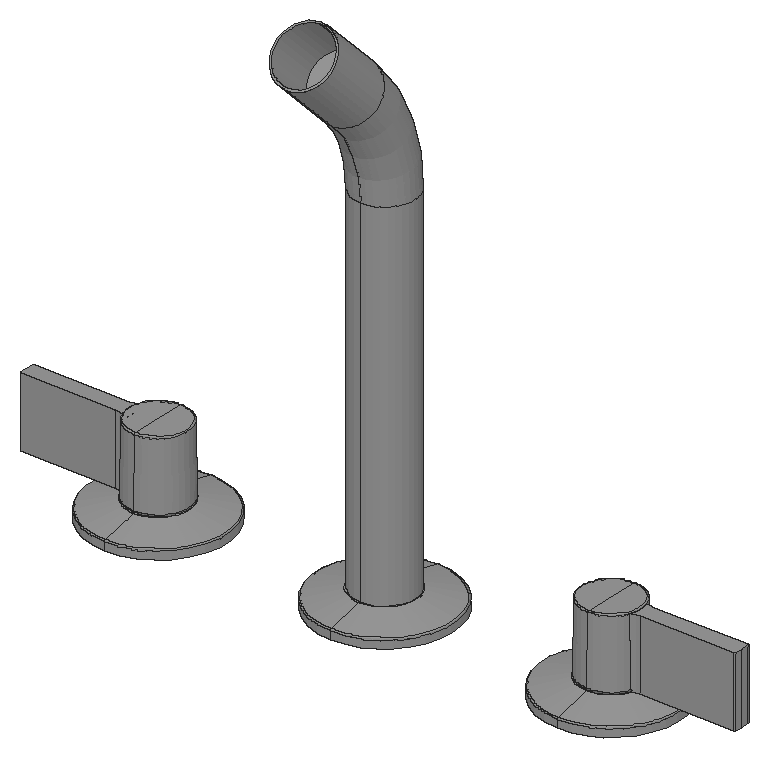
Revit family "Faucet-Wall_Mount-Bath_Spout-KOHLER-COMPONENTS-K-78014T_1", category Plumbing Fixtures, host Face, Revit 2017
Family settings
  Host = Face
  Round Connector Dimension = Use Diameter
  Part Type = Normal
  OmniClass Number = 23.31.11.00
  OmniClass Title = Faucets
  Cut with Voids When Loaded = No
  Shared = No
  Room Calculation Point = No
Parameters (values of type "Not a Type-See Type Catalog")
  Width [instance] = Faucet Hole Spacing  # 8"
  WaterSense Certified = 1 = 0  # no
  Waste Water Outlet = "Waste Water Outlet"  # constant formula
  Waste Connection = 1 = 0  # no
  Vent Connection = 1 = 0  # no
  URL = "http://www.kohler.com.cn/"
  Type = 1
  Spout Reach = 1 3/4"  # constant formula
  Product Page URL = "http://www.kohler.com.cn/product/K-78014T-4/K-78014T-4-CP/"
  Product Name = "Components"  # constant formula
  Product Documentation Link = "http://files.kohler.com.cn/pdfs/1558665184777_1317438-2-A(78014T-4%2078014T-8%2078014T-9).pdf"
  Pressure = 0.00 psi
  Model = if(Type = 1, "K-78014T-4-CP", if(Type = 2, "K-78014T-4-BN", if(Type = 3, "K-78014T-4-AF", if(Type = 4, "K-78014T-4-RGD", if(Type = 5, "K-78014T-4-2BL", if(Type = 6, "K-78014T-4-TT", if(Type = 7, "K-78014T-8-CP", if(Type = 8, "K-78014T-8-BN", if(Type = 9, "K-78014T-8-AF", if(Type = 10, "K-78014T-8-RGD", if(Type = 11, "K-78014T-8-2BL", if(Type = 12, "K-78014T-8-TT", if(Type = 13, "K-78014T-9-CP", if(Type = 14, "K-78014T-9-BN", if(Type = 15, "K-78014T-9-AF", if(Type = 16, "K-78014T-9-RGD", if(Type = 17, "K-78014T-9-2BL", if(Type = 18, "K-78014T-9-TT", "NA"))))))))))))))))))  # "K-78014T-4-CP"
  Material = "Premium Metal Construction"  # constant formula
  MasterFormat 2004 = "22.41.39"  # constant formula
  MasterFormat 1995 = "15410"  # constant formula
  Manufacturer Address = "158 Jiangchang 3rd Road Zhabei District Shanghai, 200436 China"  # constant formula
  Manufacturer = "KOHLER Co."  # constant formula
  Length = Spout Reach  # 1 3/4"
  HW Connection = 1 = 1  # yes
  CW Connection = 1 = 1  # yes
  77990_9 = or(Type = 13, Type = 14, Type = 15, Type = 16, Type = 17, Type = 18)  # no
  77990_8 = or(Type = 7, Type = 8, Type = 9, Type = 10, Type = 11, Type = 12)  # no
  77990_4 = or(Type = 1, Type = 2, Type = 3, Type = 4, Type = 5, Type = 6)  # yes
  Hot Water Inlet = "Hot Water Inlet"  # constant formula
  Height = 9 1/2"  # constant formula
  Handle Clearance = if([77990_4], 2 5/16", if([77990_8], 2 3/8" / 2, if([77990_9], 2 3/4" / 2, 2 5/16")))  # 2 5/16"
  Flow Rate = 0 GPM
  Finish = Default
  Faucet Hole Spacing [instance] = 8"
  Environmental Product Declaration = ""
  Drain Included = 1 = 0  # no
  Description = if(or(Type = 1, Type = 2, Type = 3, Type = 4, Type = 5, Type = 6), "Two-handle wall faucet lever handle", if(or(Type = 7, Type = 8, Type = 9, Type = 10, Type = 11, Type = 12), "Two-handle wall Outlet bathtub faucet column handle", "Two-handle wall outlet bathtub faucet wheel handle"))  # "Two-handle wall faucet lever handle"
  Default Elevation = 36"
  Declare Label = ""
  Date Modified = "05/08/2020"  # constant formula
  Date Created = "05/08/2020"  # constant formula
  Copyright = "Copyright KOHLER Co."  # constant formula
  Contact Us = "http://www.kohler.com.cn/en/contact/contact-us/"
  Cold Water Inlet = "Cold Water Inlet"  # constant formula
  Assembly Code = "D2010"
  ADA Compliant = 1 = 0  # no
Reference planes (in)
  plane 1 "Center (Front/Back)": y = 0
  plane 2: z = 0
  plane 3 "Center (Left/Right)": x = 0
  plane 4: z = 1.75
  plane 5: y = 1.375
  plane 6: x = -4
  plane 7: x = 4
  plane 8: x = -6.3125
  plane 9: y = -1.375
  plane 10: x = 6.3125
  plane 11: x = 2.8125
  plane 12: x = 5.1875
  plane 13: x = -5.1875
  plane 14: x = -2.8125
  plane 15: x = -1.1875
  plane 16: x = 1.1875
  plane 17: z = 9.5
  plane 18: y = -1.75
  plane 19: z = 1.5625
  plane 20: z = 0.31477
  plane 21: y = 1.1875
  plane 22: y = -1.1875
  plane 23: z = 1.5
  plane 24: x = -2.625
  plane 25: x = 2.625
Dimensions and locks (in)
  equal spacing: plane 6, plane 3 "Center (Left/Right)", plane 7
  "Width": plane 6 to plane 7
  "Handle Clearance": plane 6 to plane 8
  equal spacing: plane 5, plane 1 "Center (Front/Back)", plane 9
  plane 8 to plane 6 = 2 5/16"
  "Handle Clearance": plane 10 to plane 7
  plane 11 to plane 12 = 2 3/8"
  equal spacing: plane 13, plane 6, plane 14
  locked: plane 13 to plane 14 at 2.375
  plane 17 to level = 9 1/2"
  "Spout Reach": plane 1 "Center (Front/Back)" to plane 18
  "Height": level to plane 17
  plane 11 to plane 7 to plane 12 = 1 3/16", 1 3/16"
  locked: plane 25 to plane 7 at 1.375
  locked: plane 24 to plane 6 at 1.375
  "Length": plane 18 to plane 1 "Center (Front/Back)"
  aligned and locked: plane 2 to host face
  aligned and locked: level to host face
  aligned and locked: plane 6 to nested 2
  aligned and locked: nested 1 to plane 7
Automatic sketch dimensions
  host sketch curve to host sketch curve = 96"  (x2)
Nested families (in)
  nested 1: "K-78014T_Handle" at (4, 0, 0) x (-1, 0, 0) z (0, 0, 1), type "K-78014T_Handle"
  nested 2: "K-78014T_Handle" at (-4, 0, 0), type "K-78014T_Handle"
  nested 3: "K-78014T" at (0, 0, 0), type "K-78014T"
Connectors (in)
  piping at (-4, 0, 0), diameter 0.375, driven by "HW Connection", driven by "Hot Water Inlet", driven by "Flow Rate"
    settings: on nested 2, index 3, connector inside diameter 24", connector length 0", flow factor 0, pipe flow 0 GPM, pressure drop 0.00 psi, fitting loss kfactor 0, connector angle 0.00°, fixture units 0, engagement length 0", angle of deflection 0.00°, flow configuration 0, flow direction 1, fitting loss method 0, system type 19, joint type 0, gender type 0, connector reference index -1, connector utility 1, adjustable connector no, is connector primary yes, connector description "Hot Water Inlet"
  piping at (4, 0, 0), diameter 0.375, driven by "CW Connection", driven by "Cold Water Inlet", driven by "Flow Rate"
    settings: on nested 1, index 4, connector inside diameter 24", connector length 0", flow factor 0, pipe flow 0 GPM, pressure drop 0.00 psi, fitting loss kfactor 0, connector angle 0.00°, fixture units 0, engagement length 0", angle of deflection 0.00°, flow configuration 0, flow direction 1, fitting loss method 0, system type 20, joint type 0, gender type 0, connector reference index -1, connector utility 1, adjustable connector no, is connector primary no, connector description "Cold Water Inlet"
Definition of nested family "K-78014T_Handle"
  Parameters (values of type "K-77974")
    Faucet handle material = none
    77990_4 = yes
    77990-9 = no
    77990-8 = no
  Reference planes (in)
    plane 1 "Center (Front/Back)": y = 0
    plane 2: z = 0
    plane 3 "Center (Left/Right)": x = 0
    plane 4: z = 1.5625
    plane 5: y = -1.375
    plane 6: y = 1.375
    plane 7: x = 1.1875
    plane 8: x = -1.1875
    plane 9: y = 1.1875
    plane 10: y = -1.1875
    plane 11: x = -2.3125
    plane 12: x = -1.375
    plane 13: x = 1.375
    plane 14: x = 0
    plane 15: y = 0
    plane 16: z = 1.75
    plane 17: z = 1.5
  Forms (in)
    Revolve 1, solid, material <- "Faucet handle material", visible <- "77990-9", detail levels medium+fine
      sketch origin (0.00026, 0.00416, -0.01445) x (1, 0, 0) y (0, 0, 1)
        loop
          arc (-0.49213, 0.38445) -> (-0.4862, 0.37014) -> (-0.47188, 0.36421) r 0.02025
          line (-0.47188, 0.36421) -> (-0.38386, 0.36421) -> (-0.38386, 0.32941) -> (-0.49213, 0.32941) -> (-1.17158, 0.17843)
          arc (-1.17158, 0.17843) -> (-1.18626, 0.16928) -> (-1.192, 0.15296) r 0.02608
          line (-1.192, 0.15296) -> (-1.192, 0.03432)
          arc (-1.192, 0.03432) -> (-1.18618, 0.02027) -> (-1.17214, 0.01445) r 0.01986
          line (-1.17214, 0.01445) -> (0, 0.01445) -> (0, 1.54531) -> (-0.47164, 1.54531)
          arc (-0.47164, 1.54531) -> (-0.48613, 1.53931) -> (-0.49213, 1.52482) r 0.02049
          line (-0.49213, 1.52482) -> (-0.49213, 1.19098) -> (-0.49213, 0.38445)
        loop
          line (-1.38375, 1.68912) -> (-1.38375, 1.24402) -> (-1.3425, 1.20276)
          arc (-1.3425, 1.20276) -> (-1.32929, 1.19398) -> (-1.31372, 1.19099) r 0.0402
          arc (-1.31372, 1.19099) -> (-1.04833, 1.46645) -> (-1.31347, 1.74216) r 0.27579
          arc (-1.31347, 1.74216) -> (-1.3294, 1.73899) -> (-1.3429, 1.72997) r 0.04162
          line (-1.3429, 1.72997) -> (-1.38375, 1.68912)
        axis (0, 1.74216) -> (0, 0.01445)
      angle from 0 to 360
    SweptBlend 2, solid, material <- "Faucet handle material", visible <- "77990-9", detail levels medium+fine
      path origin (0.00026, -0.01925, 0.0207) x (0, -1, 0) y (0, 0, 1)
        loop
          line (0.22829, 0.75557) -> (1.17184, 1.46658)
      profile origin (0.00026, -0.24754, 0.77627) x (0, 0.601815, 0.798636) y (-1, 0, 0)
        loop
          spline (0, 0.30632) -> (-0.06842, 0.29587) -> (-0.13219, 0.26525) -> (-0.18694, 0.21653) -> (-0.22895, 0.15304) -> (-0.25536, 0.0791) -> (-0.26437, -0.00025) -> (-0.25536, -0.07959) -> (-0.22895, -0.15353) -> (-0.18694, -0.21703) -> (-0.13219, -0.26575) -> (-0.06842, -0.29637) -> (0, -0.30682)
          spline (0, -0.30682) -> (0.06842, -0.29637) -> (0.13219, -0.26575) -> (0.18694, -0.21703) -> (0.22895, -0.15353) -> (0.25536, -0.07959) -> (0.26437, -0.00025) -> (0.25536, 0.0791) -> (0.22895, 0.15304) -> (0.18694, 0.21653) -> (0.13219, 0.26525) -> (0.06842, 0.29587) -> (0, 0.30632)
      end profile origin (0.00026, -1.19109, 1.48729) x (0, 0.601815, 0.798636) y (-1, 0, 0)
        loop
          spline (-0.01522, 0.21498) -> (-0.05149, 0.20361) -> (-0.08372, 0.17809) -> (-0.10971, 0.14015) -> (-0.12769, 0.09238) -> (-0.13643, 0.03803) -> (-0.13535, -0.0192) -> (-0.12451, -0.0754) -> (-0.10465, -0.12675) -> (-0.07713, -0.16974) -> (-0.04382, -0.20145) -> (-0.00699, -0.21971) -> (0.03084, -0.22329)
          spline (0.03084, -0.22329) -> (0.06711, -0.21192) -> (0.09934, -0.1864) -> (0.12533, -0.14846) -> (0.14331, -0.10069) -> (0.15206, -0.04634) -> (0.15098, 0.01089) -> (0.14014, 0.06709) -> (0.12028, 0.11844) -> (0.09276, 0.16143) -> (0.05945, 0.19314) -> (0.02262, 0.2114) -> (-0.01522, 0.21498)
    Extrusion 3, void
      sketch origin (0.00026, 0.00416, 0) x (0, -1, 0) y (1, 0, 0)
        loop
          line (1.37007, -0.10783) -> (1.37007, 0.10783) -> (1.33633, 0.32083) -> (1.26969, 0.52593) -> (1.17179, 0.71808) -> (1.04503, 0.89255) -> (0.89254, 1.04504) -> (0.71807, 1.1718) -> (0.52592, 1.2697) -> (0.32082, 1.33634) -> (0.10782, 1.37008) -> (-0.10784, 1.37008) -> (-0.32084, 1.33634) -> (-0.52594, 1.2697) -> (-0.71809, 1.1718) -> (-0.89256, 1.04504) -> (-1.04505, 0.89255) -> (-1.17181, 0.71808) -> (-1.26971, 0.52593) -> (-1.33635, 0.32083) -> (-1.37009, 0.10783) -> (-1.37009, -0.10783) -> (-1.33635, -0.32083) -> (-1.26971, -0.52593) -> (-1.17181, -0.71808) -> (-1.04505, -0.89255) -> (-0.89256, -1.04504) -> (-0.71809, -1.1718) -> (-0.52594, -1.2697) -> (-0.32084, -1.33634) -> (-0.10784, -1.37008) -> (0.10782, -1.37008) -> (0.32082, -1.33634) -> (0.52592, -1.2697) -> (0.71807, -1.1718) -> (0.89254, -1.04504) -> (1.04503, -0.89255) -> (1.17179, -0.71808) -> (1.26969, -0.52593) -> (1.33633, -0.32083) -> (1.37007, -0.10783)
        loop
          circle (0, 0) r 1.4406
      from 1.12842 to 1.76975
    Revolve 4, solid, material <- "Faucet handle material", visible <- "77990-8", detail levels medium+fine
      sketch origin (0.00807, 0.00416, 0) x (0, -1, 0) y (0, 0, 1)
        loop
          line (-0.00053, 1.5) -> (-1.06603, 1.5)
          arc (-1.06603, 1.5) -> (-1.09885, 1.48691) -> (-1.11364, 1.45482) r 0.04767
          line (-1.11364, 1.45482) -> (-1.1809, 0.17135)
          arc (-1.1809, 0.17135) -> (-1.18333, 0.09771) -> (-1.18288, 0.02403) r 1.89315
          arc (-1.18288, 0.02403) -> (-1.17638, 0.00709) -> (-1.15968, 0) r 0.02321
          line (-1.15968, 0) -> (-0.00053, 0) -> (-0.00053, 1.5)
        axis (-0.00053, 1.5) -> (-0.00053, 0)
      angle from 0 to 360
    Revolve 5, solid, material <- "Faucet handle material", visible <- "77990-8", detail levels coarse
      sketch origin (0.00807, 0.00416, 0) x (0, -1, 0) y (0, 0, 1)
        loop
          line (-0.00069, 1.5) -> (-0.00069, 0.00029) -> (1.18047, 0.00029) -> (1.18047, 1.5) -> (-0.00069, 1.5)
        axis (-0.00069, 1.5) -> (-0.00069, 0.00029)
      angle from 0 to 360
    Revolve 6, solid, material <- "Faucet handle material", visible <- "77990_4", detail levels medium+fine
      sketch origin (0.00807, 0.00416, 0) x (0, -1, 0) y (0, 0, 1)
        loop
          line (0, 1.5625) -> (-0.50017, 1.5625)
          arc (-0.50017, 1.5625) -> (-0.51432, 1.55668) -> (-0.52028, 1.54258) r 0.0201
          line (-0.52028, 1.54258) -> (-0.53136, 0.33901)
          arc (-0.53136, 0.33901) -> (-0.52537, 0.32426) -> (-0.51067, 0.31813) r 0.02069
          arc (-0.51067, 0.31813) -> (-0.52825, 0.3147) -> (-0.54573, 0.31075) r 0.61411
          line (-0.54573, 0.31075) -> (-1.1629, 0.16188)
          arc (-1.1629, 0.16188) -> (-1.17604, 0.15346) -> (-1.18115, 0.13872) r 0.02383
          line (-1.18115, 0.13872) -> (-1.18115, 0) -> (0, 0) -> (0, 1.5625)
        axis (0, 1.5625) -> (0, 0)
      angle from 0 to 360
    Extrusion 7, solid, material <- "Faucet handle material", visible <- "77990_4", detail levels medium+fine
      sketch origin (0.00639, 0.00216, 0) x (-1, 0, 0) y (0, -1, 0)
        loop
          arc (0.63848, 0.16118) -> (0.49452, 0.19111) -> (0.37441, 0.27592) r 0.36124
          line (0.37441, 0.27592) -> (0.37441, -0.21592)
          arc (0.37441, -0.21592) -> (0.50184, -0.16345) -> (0.63848, -0.14556) r 0.5307
          line (0.63848, -0.14556) -> (2.28979, -0.14556)
          arc (2.28979, -0.14556) -> (2.30423, -0.13992) -> (2.31104, -0.12599) r 0.02133
          arc (2.31104, -0.12599) -> (2.3154, -0.04933) -> (2.31579, 0.02745) r 1.48241
          arc (2.31579, 0.02745) -> (2.31416, 0.08404) -> (2.31165, 0.14061) r 3.60283
          arc (2.31165, 0.14061) -> (2.30491, 0.15522) -> (2.28997, 0.16118) r 0.02171
          line (2.28997, 0.16118) -> (0.63848, 0.16118)
      from 0.31813 to 1.55062
    Revolve 8, solid, material <- "Faucet handle material", visible <- "77990_4", detail levels coarse
      sketch origin (0.00807, 0.00416, 0) x (0, -1, 0) y (0, 0, 1)
        loop
          line (0, 0) -> (0, 1.5625) -> (-0.53148, 1.5625) -> (-0.53148, 0.31637) -> (-1.18115, 0.31637) -> (-1.18115, 0) -> (0, 0)
        axis (0, 1.5625) -> (0, 0)
      angle from 0 to 360
    Extrusion 9, solid, material <- "Faucet handle material", visible <- "77990_4", detail levels coarse
      sketch origin (-0.03235, 0.00205, 0) x (-1, 0, 0) y (0, -1, 0)
        loop
          line (2.27099, 0.16118) -> (0.40175, 0.16118) -> (0.40175, -0.14556) -> (2.27099, -0.14556) -> (2.27099, 0.16118)
      from 0.31813 to 1.55062
    Revolve 10, solid, material <- "Faucet handle material", visible <- "77990-9", detail levels coarse
      sketch origin (0.00807, 0.00416, 0) x (0, -1, 0) y (0, 0, 1)
        loop
          line (0, 0.00004) -> (0, 1.53073) -> (-0.49213, 1.53073) -> (-0.49213, 0.31496) -> (-1.20092, 0.31496) -> (-1.20092, 0.00004) -> (0, 0.00004)
        loop
          line (-1.04505, 1.17654) -> (-1.04505, 1.72771) -> (-1.37009, 1.72771) -> (-1.37009, 1.17654) -> (-1.04505, 1.17654)
        axis (0, 0.00004) -> (0, 1.72771)
      angle from 0 to 360
    Sweep 11, solid, material <- "Faucet handle material", visible <- "77990-9", detail levels coarse
      path origin (0.00807, 0.00416, 0) x (0, -1, 0) y (0, 0, 1)
        loop
          line (0.15141, 0.69992) -> (1.17179, 1.49712)
      profile origin (0.00807, -0.65743, 1.09852) x (0, 0.615661, 0.788011) y (-1, 0, 0)
        loop
          spline (0, 0.36363) -> (-0.0548, 0.35124) -> (-0.10587, 0.31491) -> (-0.14972, 0.25713) -> (-0.18337, 0.18181) -> (-0.20452, 0.09411) -> (-0.21173, 0) -> (-0.20452, -0.09411) -> (-0.18337, -0.18181) -> (-0.14972, -0.25713) -> (-0.10587, -0.31491) -> (-0.0548, -0.35124) -> (0, -0.36363)
          spline (0, -0.36363) -> (0.0548, -0.35124) -> (0.10587, -0.31491) -> (0.14972, -0.25713) -> (0.18337, -0.18181) -> (0.20452, -0.09411) -> (0.21173, 0) -> (0.20452, 0.09411) -> (0.18337, 0.18181) -> (0.14972, 0.25713) -> (0.10587, 0.31491) -> (0.0548, 0.35124) -> (0, 0.36363)
    Extrusion 12, solid, material <- "Faucet handle material", visible <- "77990_4", detail levels medium+fine
      sketch origin (0, 0, 0) x (1, 0, 0) y (0, 1, 0)
        loop
          circle (0, 0) r 0.08698
      from 0 to 0.06889
  Cuts and joins
    Extrusion 3 cuts Revolve 1
    joined: Revolve 1, SweptBlend 2
  Lines and regions (in)
    Masking region 1, visible <- "77990-9"
      outline origin (0.00807, 0.00416, 0) x (0, -1, 0) y (1, 0, 0)
        loop
          line (-0.71809, 1.1718) -> (-0.89256, 1.04504) -> (-1.04505, 0.89255) -> (-1.17181, 0.71808) -> (-1.26971, 0.52593) -> (-1.33635, 0.32083) -> (-1.37009, 0.10783) -> (-1.37009, -0.10783) -> (-1.33635, -0.32083) -> (-1.26971, -0.52593) -> (-1.17181, -0.71808) -> (-1.04505, -0.89255) -> (-0.89256, -1.04504) -> (-0.71809, -1.1718) -> (-0.52594, -1.2697) -> (-0.32084, -1.33634) -> (-0.10784, -1.37008) -> (0.10782, -1.37008) -> (0.32082, -1.33634) -> (0.52592, -1.2697) -> (0.71807, -1.1718) -> (0.89254, -1.04504) -> (1.04503, -0.89255) -> (1.17179, -0.71808) -> (1.26969, -0.52593) -> (1.33633, -0.32083) -> (1.37007, -0.10783) -> (1.37007, 0.10783) -> (1.33633, 0.32083) -> (1.26969, 0.52593) -> (1.17179, 0.71808) -> (1.04503, 0.89255) -> (0.89254, 1.04504) -> (0.71807, 1.1718) -> (0.52592, 1.2697) -> (0.32082, 1.33634) -> (0.10782, 1.37008) -> (-0.10784, 1.37008) -> (-0.32084, 1.33634) -> (-0.52594, 1.2697) -> (-0.71809, 1.1718)
    Masking region 2, visible <- "77990-9"
      outline origin (0, 0, 0) x (1, 0, 0) y (0, 0, 1)
        loop
          line (1.29033, 1.75) -> (-1.29033, 1.75)
          arc (-1.29033, 1.75) -> (-1.30704, 1.74668) -> (-1.3212, 1.73721) r 0.04365
          line (-1.3212, 1.73721) -> (-1.375, 1.68342) -> (-1.375, 1.22081) -> (-1.34397, 1.18978)
          arc (-1.34397, 1.18978) -> (-1.3293, 1.17998) -> (-1.31199, 1.17654) r 0.04522
          line (-1.31199, 1.17654) -> (-0.49213, 1.17654) -> (-0.49213, 0.37031)
          arc (-0.49213, 0.37031) -> (-0.48611, 0.35577) -> (-0.47157, 0.34975) r 0.02056
          line (-0.47157, 0.34975) -> (-0.38386, 0.34975) -> (-0.38386, 0.31496) -> (-0.49253, 0.31496) -> (-1.18099, 0.16188)
          arc (-1.18099, 0.16188) -> (-1.19523, 0.15301) -> (-1.20079, 0.13719) r 0.02529
          line (-1.20079, 0.13719) -> (-1.20079, 0.02049)
          arc (-1.20079, 0.02049) -> (-1.19479, 0.006) -> (-1.1803, 0) r 0.02049
          line (-1.1803, 0) -> (1.1803, 0)
          arc (1.1803, 0) -> (1.19479, 0.006) -> (1.20079, 0.02049) r 0.02049
          line (1.20079, 0.02049) -> (1.20079, 0.13719)
          arc (1.20079, 0.13719) -> (1.19523, 0.15301) -> (1.18099, 0.16188) r 0.02529
          line (1.18099, 0.16188) -> (0.49253, 0.31496) -> (0.38386, 0.31496) -> (0.38386, 0.34975) -> (0.47157, 0.34975)
          arc (0.47157, 0.34975) -> (0.48611, 0.35577) -> (0.49213, 0.37031) r 0.02056
          line (0.49213, 0.37031) -> (0.49213, 1.17654) -> (1.31199, 1.17654)
          arc (1.31199, 1.17654) -> (1.3293, 1.17998) -> (1.34397, 1.18978) r 0.04522
          line (1.34397, 1.18978) -> (1.375, 1.22081) -> (1.375, 1.68342) -> (1.3212, 1.73721)
          arc (1.3212, 1.73721) -> (1.30704, 1.74668) -> (1.29033, 1.75) r 0.04365
    Masking region 3, visible <- "77990-9"
      outline origin (0, 0, 0) x (0, 1, 0) y (0, 0, 1)
        loop
          line (1.29166, 1.75) -> (-1.29166, 1.75)
          arc (-1.29166, 1.75) -> (-1.30714, 1.74692) -> (-1.32026, 1.73815) r 0.04045
          line (-1.32026, 1.73815) -> (-1.375, 1.68342) -> (-1.375, 1.22081) -> (-1.34354, 1.18935)
          arc (-1.34354, 1.18935) -> (-1.32934, 1.17987) -> (-1.3126, 1.17654) r 0.04376
          line (-1.3126, 1.17654) -> (-1.0541, 1.17654) -> (-0.49213, 0.64534) -> (-0.49213, 0.34975) -> (-0.38386, 0.34975) -> (-0.38386, 0.31496) -> (-0.47836, 0.31496) -> (-1.16719, 0.16199)
          arc (-1.16719, 0.16199) -> (-1.18179, 0.1529) -> (-1.1875, 0.13667) r 0.02594
          line (-1.1875, 0.13667) -> (-1.1875, 0.01977)
          arc (-1.1875, 0.01977) -> (-1.18171, 0.00579) -> (-1.16773, 0) r 0.01977
          line (-1.16773, 0) -> (1.16773, 0)
          arc (1.16773, 0) -> (1.18171, 0.00579) -> (1.1875, 0.01977) r 0.01977
          line (1.1875, 0.01977) -> (1.1875, 0.13667)
          arc (1.1875, 0.13667) -> (1.18179, 0.1529) -> (1.16719, 0.16199) r 0.02594
          line (1.16719, 0.16199) -> (0.47836, 0.31496) -> (0.38386, 0.31496) -> (0.38386, 0.34975) -> (0.49213, 0.34975) -> (0.49213, 1.17654) -> (1.3126, 1.17654)
          arc (1.3126, 1.17654) -> (1.32934, 1.17987) -> (1.34354, 1.18935) r 0.04376
          line (1.34354, 1.18935) -> (1.375, 1.22081) -> (1.375, 1.68342) -> (1.32026, 1.73815)
          arc (1.32026, 1.73815) -> (1.30714, 1.74692) -> (1.29166, 1.75) r 0.04045
    Masking region 4, visible <- "77990-8"
      outline origin (0.00807, 0.00416, 0) x (0, -1, 0) y (1, 0, 0)
        loop
          circle (0.00415, -0.00806) r 1.18749
    Masking region 5, visible <- "77990-8"
      outline origin (-0.00008, 0, 0) x (1, 0, 0) y (0, 0, 1)
        loop
          line (-1.16742, 0.00304) -> (1.1687, 0.00304)
          arc (1.1687, 0.00304) -> (1.18319, 0.0094) -> (1.18832, 0.02438) r 0.01969
          arc (1.18832, 0.02438) -> (1.1866, 0.05679) -> (1.18686, 0.08924) r 0.53132
          arc (1.18686, 0.08924) -> (1.18758, 0.12654) -> (1.18687, 0.16384) r 0.9676
          arc (1.18687, 0.16384) -> (1.18474, 0.21442) -> (1.18227, 0.26499) r 7.29048
          line (1.18227, 0.26499) -> (1.11991, 1.45488)
          arc (1.11991, 1.45488) -> (1.10514, 1.48693) -> (1.07237, 1.5) r 0.04761
          line (1.07237, 1.5) -> (-1.0709, 1.5)
          arc (-1.0709, 1.5) -> (-1.10365, 1.48695) -> (-1.11844, 1.45495) r 0.04761
          line (-1.11844, 1.45495) -> (-1.18642, 0.18868)
          arc (-1.18642, 0.18868) -> (-1.18742, 0.15672) -> (-1.18699, 0.12474) r 0.71585
          arc (-1.18699, 0.12474) -> (-1.1864, 0.07489) -> (-1.18818, 0.02508) r 1.0457
          arc (-1.18818, 0.02508) -> (-1.18256, 0.00958) -> (-1.16742, 0.00304) r 0.0208
    Masking region 6, visible <- "77990-8"
      outline origin (0, 0, 0) x (0, 1, 0) y (0, 0, 1)
        loop
          arc (1.15878, 0) -> (1.17377, 0.00534) -> (1.18199, 0.01897) r 0.02368
          arc (1.18199, 0.01897) -> (1.18747, 0.06295) -> (1.1862, 0.10726) r 0.29065
          arc (1.1862, 0.10726) -> (1.18118, 0.16803) -> (1.17738, 0.22888) r 3.04578
          line (1.17738, 0.22888) -> (1.1131, 1.45541)
          arc (1.1131, 1.45541) -> (1.09851, 1.48708) -> (1.06612, 1.5) r 0.04705
          line (1.06612, 1.5) -> (-1.06585, 1.5)
          arc (-1.06585, 1.5) -> (-1.09841, 1.48701) -> (-1.11308, 1.45517) r 0.0473
          line (-1.11308, 1.45517) -> (-1.17707, 0.2343)
          arc (-1.17707, 0.2343) -> (-1.18121, 0.17752) -> (-1.18766, 0.12095) r 1.39469
          arc (-1.18766, 0.12095) -> (-1.18733, 0.06997) -> (-1.18311, 0.01915) r 0.66852
          arc (-1.18311, 0.01915) -> (-1.17593, 0.00548) -> (-1.16149, 0) r 0.02178
          line (-1.16149, 0) -> (1.15878, 0)
    Masking region 7, visible <- "77990_4"
      outline origin (0.00588, 0.00195, 0) x (-1, 0, 0) y (0, -1, 0)
        loop
          arc (-1.18115, 0) -> (-0.07292, -1.17889) -> (1.17214, -0.14556) r 1.18115
          line (1.17214, -0.14556) -> (2.29207, -0.14556)
          arc (2.29207, -0.14556) -> (2.30651, -0.13992) -> (2.31332, -0.12599) r 0.02133
          arc (2.31332, -0.12599) -> (2.31769, -0.04933) -> (2.31807, 0.02745) r 1.48241
          arc (2.31807, 0.02745) -> (2.31645, 0.08404) -> (2.31393, 0.14061) r 3.60283
          arc (2.31393, 0.14061) -> (2.30719, 0.15522) -> (2.29225, 0.16118) r 0.02171
          line (2.29225, 0.16118) -> (1.1701, 0.16118)
          arc (1.1701, 0.16118) -> (-0.08078, 1.17838) -> (-1.18115, 0) r 1.18115
    Masking region 8, visible <- "77990_4"
      outline origin (0, 0, 0) x (0, -1, 0) y (0, 0, 1)
        loop
          line (-1.1875, 0) -> (1.1875, 0) -> (1.1875, 0.13835)
          arc (1.1875, 0.13835) -> (1.18236, 0.15313) -> (1.16916, 0.16153) r 0.02381
          line (1.16916, 0.16153) -> (0.50564, 0.3181)
          arc (0.50564, 0.3181) -> (0.52098, 0.32462) -> (0.52721, 0.34007) r 0.02177
          line (0.52721, 0.34007) -> (0.51606, 1.54191)
          arc (0.51606, 1.54191) -> (0.5099, 1.55648) -> (0.49527, 1.5625) r 0.02079
          line (0.49527, 1.5625) -> (-0.50351, 1.5625)
          arc (-0.50351, 1.5625) -> (-0.51814, 1.55648) -> (-0.5243, 1.54191) r 0.02079
          line (-0.5243, 1.54191) -> (-0.53545, 0.34007)
          arc (-0.53545, 0.34007) -> (-0.52969, 0.3252) -> (-0.51529, 0.31835) r 0.02157
          line (-0.51529, 0.31835) -> (-1.16901, 0.16199)
          arc (-1.16901, 0.16199) -> (-1.18232, 0.15348) -> (-1.1875, 0.13855) r 0.0241
          line (-1.1875, 0.13855) -> (-1.1875, 0)
    Masking region 9, visible <- "77990_4"
      outline origin (0, 0, 0) x (1, 0, 0) y (0, 0, 1)
        loop
          line (-1.1731, 0) -> (1.18922, 0) -> (1.18922, 0.1389)
          arc (1.18922, 0.1389) -> (1.18415, 0.15354) -> (1.17112, 0.16193) r 0.0237
          arc (1.17112, 0.16193) -> (0.84508, 0.24063) -> (0.51874, 0.31813) r 91.35618
          arc (0.51874, 0.31813) -> (0.53348, 0.3249) -> (0.5394, 0.34) r 0.0217
          line (0.5394, 0.34) -> (0.52834, 1.54253)
          arc (0.52834, 1.54253) -> (0.52237, 1.55666) -> (0.50818, 1.5625) r 0.02016
          line (0.50818, 1.5625) -> (-0.49182, 1.5625)
          arc (-0.49182, 1.5625) -> (-0.50785, 1.56156) -> (-0.52366, 1.55875) r 0.13687
          line (-0.52366, 1.55875) -> (-2.3125, 1.55875) -> (-2.3125, 0.31813) -> (-0.50263, 0.31813)
          arc (-0.50263, 0.31813) -> (-0.82896, 0.24063) -> (-1.15501, 0.16193) r 91.35618
          arc (-1.15501, 0.16193) -> (-1.16804, 0.15354) -> (-1.1731, 0.1389) r 0.0237
          line (-1.1731, 0.1389) -> (-1.1731, 0)
    symbolic lines, visible <- "77990-9", detail levels medium+fine
      curve 1: arc (1.32154, 0.00416, 0) -> (0.00807, -1.3093, 0) -> (-1.3054, 0.00416, 0) r 1.31347
      curve 2: arc (-1.3054, 0.00416, 0) -> (0.00807, 1.31763, 0) -> (1.32154, 0.00416, 0) r 1.31347
      curve 3: arc (-0.48406, 0.00416, 0) -> (0.00807, -0.48796, 0) -> (0.5002, 0.00416, 0) r 0.49213
      curve 4: arc (0.5002, 0.00416, 0) -> (0.00807, 0.49629, 0) -> (-0.48406, 0.00416, 0) r 0.49213
      curve 5: arc (0.22782, -1.02145, 0) -> (-0.00734, 1.05295, 0) -> (-0.18145, -1.02747, 0) r 1.04889
      curve 6: arc (0.1312, -1.06179, 0) -> (0.02107, -1.08885, 0) -> (-0.08907, -1.06179, 0) r 0.23769
      curve 7: arc (0.22782, -1.02145, 0) -> (0.17864, -1.03954, 0) -> (0.1312, -1.06179, 0) r 0.6075
      curve 8: arc (-0.08907, -1.06179, 0) -> (-0.13418, -1.04171, 0) -> (-0.18145, -1.02747, 0) r 0.39199
      curve 9: line (0.24635, -1.01731, 0) -> (0.30244, -0.39022, 0)
      curve 10: line (-0.22433, -1.01866, 0) -> (-0.2847, -0.3914, 0)
      curve 11: line (-0.38386, 0, 0.31496) -> (0.38386, 0, 0.31496)
      curve 12: line (-0.38386, 0, 0.34975) -> (0.38386, 0, 0.34975)
      curve 13: line (-1.18099, 0, 0.16188) -> (1.18099, 0, 0.16188)
      curve 14: line (-0.49213, 0, 1.17654) -> (0.49213, 0, 1.17654)
      curve 15: spline (-1.37009, 0, 1.68409) -> (-1.36728, 0, 1.68538) -> (-1.36447, 0, 1.68644) -> (-1.36166, 0, 1.68727) -> (-1.35885, 0, 1.68786) -> (-1.35603, 0, 1.68821) -> (-1.35322, 0, 1.68833) -> (-1.35041, 0, 1.68821) -> (-1.34759, 0, 1.68786) -> (-1.34478, 0, 1.68727) -> (-1.34197, 0, 1.68644) -> (-1.33916, 0, 1.68538) -> (-1.33635, 0, 1.68409)
      curve 16: spline (-1.33635, 0, 1.68409) -> (-1.33081, 0, 1.68538) -> (-1.32526, 0, 1.68644) -> (-1.31971, 0, 1.68727) -> (-1.31415, 0, 1.68786) -> (-1.30859, 0, 1.68821) -> (-1.30303, 0, 1.68833) -> (-1.29747, 0, 1.68821) -> (-1.29192, 0, 1.68786) -> (-1.28636, 0, 1.68727) -> (-1.28081, 0, 1.68644) -> (-1.27526, 0, 1.68538) -> (-1.26971, 0, 1.68409)
      curve 17: spline (-1.26971, 0, 1.68409) -> (-1.26157, 0, 1.68538) -> (-1.25341, 0, 1.68644) -> (-1.24525, 0, 1.68727) -> (-1.23709, 0, 1.68786) -> (-1.22893, 0, 1.68821) -> (-1.22076, 0, 1.68833) -> (-1.21259, 0, 1.68821) -> (-1.20443, 0, 1.68786) -> (-1.19626, 0, 1.68727) -> (-1.18811, 0, 1.68644) -> (-1.17995, 0, 1.68539) -> (-1.17181, 0, 1.68409)
      curve 18: spline (-1.17181, 0, 1.68409) -> (-1.16126, 0, 1.68539) -> (-1.1507, 0, 1.68644) -> (-1.14014, 0, 1.68727) -> (-1.12957, 0, 1.68786) -> (-1.119, 0, 1.68821) -> (-1.10843, 0, 1.68833) -> (-1.09785, 0, 1.68821) -> (-1.08728, 0, 1.68786) -> (-1.07671, 0, 1.68727) -> (-1.06615, 0, 1.68645) -> (-1.05559, 0, 1.68539) -> (-1.04505, 0, 1.68409)
      curve 19: spline (-1.04505, 0, 1.68409) -> (-1.03236, 0, 1.68539) -> (-1.01966, 0, 1.68645) -> (-1.00695, 0, 1.68727) -> (-0.99424, 0, 1.68786) -> (-0.98152, 0, 1.68821) -> (-0.9688, 0, 1.68833) -> (-0.95608, 0, 1.68821) -> (-0.94336, 0, 1.68786) -> (-0.93065, 0, 1.68727) -> (-0.91794, 0, 1.68645) -> (-0.90524, 0, 1.68539) -> (-0.89256, 0, 1.68409)
      curve 20: spline (-0.89256, 0, 1.68409) -> (-0.87804, 0, 1.68539) -> (-0.86351, 0, 1.68645) -> (-0.84897, 0, 1.68727) -> (-0.83443, 0, 1.68786) -> (-0.81988, 0, 1.68821) -> (-0.80532, 0, 1.68833) -> (-0.79077, 0, 1.68821) -> (-0.77622, 0, 1.68786) -> (-0.76167, 0, 1.68727) -> (-0.74713, 0, 1.68645) -> (-0.7326, 0, 1.68539) -> (-0.71809, 0, 1.68409)
      curve 21: spline (-0.71809, 0, 1.68409) -> (-0.7021, 0, 1.68539) -> (-0.6861, 0, 1.68645) -> (-0.67009, 0, 1.68727) -> (-0.65407, 0, 1.68786) -> (-0.63804, 0, 1.68821) -> (-0.62201, 0, 1.68833) -> (-0.60598, 0, 1.68821) -> (-0.58996, 0, 1.68786) -> (-0.57394, 0, 1.68727) -> (-0.55793, 0, 1.68645) -> (-0.54192, 0, 1.68539) -> (-0.52594, 0, 1.6841)
      curve 22: spline (-0.52594, 0, 1.6841) -> (-0.50887, 0, 1.68539) -> (-0.49179, 0, 1.68645) -> (-0.4747, 0, 1.68727) -> (-0.4576, 0, 1.68786) -> (-0.4405, 0, 1.68822) -> (-0.42339, 0, 1.68833) -> (-0.40628, 0, 1.68822) -> (-0.38917, 0, 1.68786) -> (-0.37207, 0, 1.68727) -> (-0.35498, 0, 1.68645) -> (-0.3379, 0, 1.68539) -> (-0.32084, 0, 1.6841)
      curve 23: spline (-0.32084, 0, 1.6841) -> (-0.30312, 0, 1.68539) -> (-0.28538, 0, 1.68645) -> (-0.26763, 0, 1.68727) -> (-0.24987, 0, 1.68786) -> (-0.23211, 0, 1.68822) -> (-0.21434, 0, 1.68833) -> (-0.19657, 0, 1.68822) -> (-0.1788, 0, 1.68786) -> (-0.16105, 0, 1.68728) -> (-0.1433, 0, 1.68645) -> (-0.12556, 0, 1.68539) -> (-0.10784, 0, 1.6841)
      curve 24: arc (0, 0, 1.68834) -> (0.05395, 0, 1.68727) -> (0.10782, 0, 1.6841) r 1.3775
      curve 25: arc (-0.10784, 0, 1.6841) -> (-0.05396, 0, 1.68727) -> (0, 0, 1.68834) r 1.3775
      curve 26: spline (0.10782, 0, 1.6841) -> (0.12554, 0, 1.68539) -> (0.14328, 0, 1.68645) -> (0.16103, 0, 1.68728) -> (0.17879, 0, 1.68787) -> (0.19655, 0, 1.68822) -> (0.21432, 0, 1.68834) -> (0.23209, 0, 1.68822) -> (0.24985, 0, 1.68787) -> (0.26761, 0, 1.68728) -> (0.28536, 0, 1.68645) -> (0.3031, 0, 1.6854) -> (0.32082, 0, 1.6841)
      curve 27: spline (0.32082, 0, 1.6841) -> (0.33788, 0, 1.6854) -> (0.35496, 0, 1.68645) -> (0.37205, 0, 1.68728) -> (0.38915, 0, 1.68787) -> (0.40626, 0, 1.68822) -> (0.42337, 0, 1.68834) -> (0.44048, 0, 1.68822) -> (0.45758, 0, 1.68787) -> (0.47468, 0, 1.68728) -> (0.49177, 0, 1.68646) -> (0.50885, 0, 1.6854) -> (0.52592, 0, 1.6841)
      curve 28: spline (0.52592, 0, 1.6841) -> (0.54191, 0, 1.6854) -> (0.55791, 0, 1.68646) -> (0.57392, 0, 1.68728) -> (0.58994, 0, 1.68787) -> (0.60596, 0, 1.68822) -> (0.62199, 0, 1.68834) -> (0.63802, 0, 1.68822) -> (0.65405, 0, 1.68787) -> (0.67007, 0, 1.68728) -> (0.68608, 0, 1.68646) -> (0.70208, 0, 1.6854) -> (0.71807, 0, 1.6841)
      curve 29: spline (0.71807, 0, 1.6841) -> (0.73258, 0, 1.6854) -> (0.74711, 0, 1.68646) -> (0.76165, 0, 1.68728) -> (0.7762, 0, 1.68787) -> (0.79075, 0, 1.68822) -> (0.8053, 0, 1.68834) -> (0.81986, 0, 1.68822) -> (0.83441, 0, 1.68787) -> (0.84895, 0, 1.68728) -> (0.86349, 0, 1.68646) -> (0.87802, 0, 1.6854) -> (0.89254, 0, 1.68411)
      curve 30: spline (0.89254, 0, 1.68411) -> (0.90522, 0, 1.6854) -> (0.91792, 0, 1.68646) -> (0.93063, 0, 1.68728) -> (0.94334, 0, 1.68787) -> (0.95606, 0, 1.68823) -> (0.96878, 0, 1.68834) -> (0.9815, 0, 1.68823) -> (0.99422, 0, 1.68787) -> (1.00693, 0, 1.68728) -> (1.01964, 0, 1.68646) -> (1.03234, 0, 1.6854) -> (1.04503, 0, 1.68411)
      curve 31: spline (1.04503, 0, 1.68411) -> (1.05557, 0, 1.6854) -> (1.06613, 0, 1.68646) -> (1.07669, 0, 1.68728) -> (1.08726, 0, 1.68787) -> (1.09783, 0, 1.68823) -> (1.10841, 0, 1.68834) -> (1.11898, 0, 1.68823) -> (1.12955, 0, 1.68787) -> (1.14012, 0, 1.68728) -> (1.15068, 0, 1.68646) -> (1.16124, 0, 1.6854) -> (1.17179, 0, 1.68411)
      curve 32: spline (1.17179, 0, 1.68411) -> (1.17993, 0, 1.6854) -> (1.18809, 0, 1.68646) -> (1.19624, 0, 1.68729) -> (1.20441, 0, 1.68787) -> (1.21257, 0, 1.68823) -> (1.22074, 0, 1.68835) -> (1.22891, 0, 1.68823) -> (1.23707, 0, 1.68787) -> (1.24523, 0, 1.68729) -> (1.25339, 0, 1.68646) -> (1.26155, 0, 1.6854) -> (1.26969, 0, 1.68411)
      curve 33: spline (1.26969, 0, 1.68411) -> (1.27524, 0, 1.6854) -> (1.28079, 0, 1.68646) -> (1.28634, 0, 1.68729) -> (1.2919, 0, 1.68787) -> (1.29745, 0, 1.68823) -> (1.30301, 0, 1.68835) -> (1.30857, 0, 1.68823) -> (1.31413, 0, 1.68787) -> (1.31969, 0, 1.68729) -> (1.32524, 0, 1.68646) -> (1.33079, 0, 1.6854) -> (1.33633, 0, 1.68411)
      curve 34: spline (1.33633, 0, 1.68411) -> (1.33914, 0, 1.6854) -> (1.34195, 0, 1.68646) -> (1.34476, 0, 1.68729) -> (1.34757, 0, 1.68788) -> (1.35039, 0, 1.68823) -> (1.3532, 0, 1.68835) -> (1.35602, 0, 1.68823) -> (1.35883, 0, 1.68788) -> (1.36164, 0, 1.68729) -> (1.36445, 0, 1.68646) -> (1.36726, 0, 1.6854) -> (1.37007, 0, 1.68411)
      curve 35: spline (1.37007, 0, 1.22012) -> (1.36726, 0, 1.21883) -> (1.36445, 0, 1.21777) -> (1.36164, 0, 1.21694) -> (1.35883, 0, 1.21635) -> (1.35602, 0, 1.216) -> (1.3532, 0, 1.21588) -> (1.35039, 0, 1.216) -> (1.34757, 0, 1.21635) -> (1.34476, 0, 1.21694) -> (1.34195, 0, 1.21777) -> (1.33914, 0, 1.21883) -> (1.33633, 0, 1.22012)
      curve 36: spline (1.33633, 0, 1.22012) -> (1.33079, 0, 1.21883) -> (1.32524, 0, 1.21777) -> (1.31969, 0, 1.21694) -> (1.31413, 0, 1.21635) -> (1.30857, 0, 1.216) -> (1.30301, 0, 1.21588) -> (1.29745, 0, 1.216) -> (1.2919, 0, 1.21635) -> (1.28634, 0, 1.21694) -> (1.28079, 0, 1.21777) -> (1.27524, 0, 1.21883) -> (1.26969, 0, 1.22012)
      curve 37: spline (1.26969, 0, 1.22012) -> (1.26155, 0, 1.21883) -> (1.25339, 0, 1.21777) -> (1.24523, 0, 1.21694) -> (1.23707, 0, 1.21635) -> (1.22891, 0, 1.216) -> (1.22074, 0, 1.21588) -> (1.21257, 0, 1.216) -> (1.20441, 0, 1.21636) -> (1.19624, 0, 1.21694) -> (1.18809, 0, 1.21777) -> (1.17993, 0, 1.21883) -> (1.17179, 0, 1.22012)
      curve 38: spline (1.17179, 0, 1.22012) -> (1.16124, 0, 1.21883) -> (1.15068, 0, 1.21777) -> (1.14012, 0, 1.21694) -> (1.12955, 0, 1.21636) -> (1.11898, 0, 1.216) -> (1.10841, 0, 1.21588) -> (1.09783, 0, 1.216) -> (1.08726, 0, 1.21636) -> (1.07669, 0, 1.21694) -> (1.06613, 0, 1.21777) -> (1.05557, 0, 1.21883) -> (1.04503, 0, 1.22012)
      curve 39: spline (1.04503, 0, 1.22012) -> (1.03234, 0, 1.21883) -> (1.01964, 0, 1.21777) -> (1.00693, 0, 1.21695) -> (0.99422, 0, 1.21636) -> (0.9815, 0, 1.216) -> (0.96878, 0, 1.21589) -> (0.95606, 0, 1.216) -> (0.94334, 0, 1.21636) -> (0.93063, 0, 1.21695) -> (0.91792, 0, 1.21777) -> (0.90522, 0, 1.21883) -> (0.89254, 0, 1.22012)
      curve 40: spline (0.89254, 0, 1.22012) -> (0.87802, 0, 1.21883) -> (0.86349, 0, 1.21777) -> (0.84895, 0, 1.21695) -> (0.83441, 0, 1.21636) -> (0.81986, 0, 1.216) -> (0.8053, 0, 1.21589) -> (0.79075, 0, 1.21601) -> (0.7762, 0, 1.21636) -> (0.76165, 0, 1.21695) -> (0.74711, 0, 1.21777) -> (0.73258, 0, 1.21883) -> (0.71807, 0, 1.22012)
      curve 41: spline (0.71807, 0, 1.22012) -> (0.70208, 0, 1.21883) -> (0.68608, 0, 1.21777) -> (0.67007, 0, 1.21695) -> (0.65405, 0, 1.21636) -> (0.63802, 0, 1.21601) -> (0.62199, 0, 1.21589) -> (0.60596, 0, 1.21601) -> (0.58994, 0, 1.21636) -> (0.57392, 0, 1.21695) -> (0.55791, 0, 1.21777) -> (0.54191, 0, 1.21883) -> (0.52592, 0, 1.22013)
      curve 42: spline (0.52592, 0, 1.22013) -> (0.50885, 0, 1.21883) -> (0.49177, 0, 1.21777) -> (0.47468, 0, 1.21695) -> (0.45758, 0, 1.21636) -> (0.44048, 0, 1.21601) -> (0.42337, 0, 1.21589) -> (0.40626, 0, 1.21601) -> (0.38915, 0, 1.21636) -> (0.37205, 0, 1.21695) -> (0.35496, 0, 1.21777) -> (0.33788, 0, 1.21883) -> (0.32082, 0, 1.22013)
      curve 43: spline (0.32082, 0, 1.22013) -> (0.3031, 0, 1.21883) -> (0.28536, 0, 1.21777) -> (0.26761, 0, 1.21695) -> (0.24985, 0, 1.21636) -> (0.23209, 0, 1.21601) -> (0.21432, 0, 1.21589) -> (0.19655, 0, 1.21601) -> (0.17879, 0, 1.21636) -> (0.16103, 0, 1.21695) -> (0.14328, 0, 1.21778) -> (0.12554, 0, 1.21883) -> (0.10782, 0, 1.22013)
      curve 44: arc (0.10782, 0, 1.22013) -> (0.05395, 0, 1.21695) -> (0, 0, 1.21589) r 1.3775
      curve 45: arc (0, 0, 1.21589) -> (-0.05396, 0, 1.21696) -> (-0.10784, 0, 1.22013) r 1.3775
      curve 46: spline (-0.10784, 0, 1.22013) -> (-0.12556, 0, 1.21884) -> (-0.1433, 0, 1.21778) -> (-0.16105, 0, 1.21695) -> (-0.1788, 0, 1.21637) -> (-0.19657, 0, 1.21601) -> (-0.21434, 0, 1.21589) -> (-0.23211, 0, 1.21601) -> (-0.24987, 0, 1.21637) -> (-0.26763, 0, 1.21695) -> (-0.28538, 0, 1.21778) -> (-0.30312, 0, 1.21884) -> (-0.32084, 0, 1.22013)
      curve 47: spline (-0.32084, 0, 1.22013) -> (-0.3379, 0, 1.21884) -> (-0.35498, 0, 1.21778) -> (-0.37207, 0, 1.21696) -> (-0.38917, 0, 1.21637) -> (-0.40628, 0, 1.21601) -> (-0.42339, 0, 1.2159) -> (-0.4405, 0, 1.21601) -> (-0.4576, 0, 1.21637) -> (-0.4747, 0, 1.21696) -> (-0.49179, 0, 1.21778) -> (-0.50887, 0, 1.21884) -> (-0.52594, 0, 1.22013)
      curve 48: spline (-0.52594, 0, 1.22013) -> (-0.54192, 0, 1.21884) -> (-0.55793, 0, 1.21778) -> (-0.57394, 0, 1.21696) -> (-0.58996, 0, 1.21637) -> (-0.60598, 0, 1.21602) -> (-0.62201, 0, 1.2159) -> (-0.63804, 0, 1.21602) -> (-0.65407, 0, 1.21637) -> (-0.67009, 0, 1.21696) -> (-0.6861, 0, 1.21778) -> (-0.7021, 0, 1.21884) -> (-0.71809, 0, 1.22013)
      curve 49: spline (-0.71809, 0, 1.22013) -> (-0.7326, 0, 1.21884) -> (-0.74713, 0, 1.21778) -> (-0.76167, 0, 1.21696) -> (-0.77622, 0, 1.21637) -> (-0.79077, 0, 1.21602) -> (-0.80532, 0, 1.2159) -> (-0.81988, 0, 1.21602) -> (-0.83443, 0, 1.21637) -> (-0.84897, 0, 1.21696) -> (-0.86351, 0, 1.21778) -> (-0.87804, 0, 1.21884) -> (-0.89256, 0, 1.22014)
      curve 50: spline (-0.89256, 0, 1.22014) -> (-0.90524, 0, 1.21884) -> (-0.91794, 0, 1.21778) -> (-0.93065, 0, 1.21696) -> (-0.94336, 0, 1.21637) -> (-0.95608, 0, 1.21602) -> (-0.9688, 0, 1.2159) -> (-0.98152, 0, 1.21602) -> (-0.99424, 0, 1.21637) -> (-1.00695, 0, 1.21696) -> (-1.01966, 0, 1.21778) -> (-1.03236, 0, 1.21884) -> (-1.04505, 0, 1.22014)
      curve 51: spline (-1.04505, 0, 1.22014) -> (-1.05559, 0, 1.21884) -> (-1.06615, 0, 1.21778) -> (-1.07671, 0, 1.21696) -> (-1.08728, 0, 1.21637) -> (-1.09785, 0, 1.21602) -> (-1.10843, 0, 1.2159) -> (-1.119, 0, 1.21602) -> (-1.12957, 0, 1.21637) -> (-1.14014, 0, 1.21696) -> (-1.1507, 0, 1.21778) -> (-1.16126, 0, 1.21884) -> (-1.17181, 0, 1.22014)
      curve 52: spline (-1.17181, 0, 1.22014) -> (-1.17995, 0, 1.21884) -> (-1.18811, 0, 1.21778) -> (-1.19626, 0, 1.21696) -> (-1.20443, 0, 1.21637) -> (-1.21259, 0, 1.21602) -> (-1.22076, 0, 1.2159) -> (-1.22893, 0, 1.21602) -> (-1.23709, 0, 1.21637) -> (-1.24525, 0, 1.21696) -> (-1.25341, 0, 1.21778) -> (-1.26157, 0, 1.21884) -> (-1.26971, 0, 1.22014)
      curve 53: spline (-1.26971, 0, 1.22014) -> (-1.27526, 0, 1.21884) -> (-1.28081, 0, 1.21779) -> (-1.28636, 0, 1.21696) -> (-1.29192, 0, 1.21637) -> (-1.29747, 0, 1.21602) -> (-1.30303, 0, 1.2159) -> (-1.30859, 0, 1.21602) -> (-1.31415, 0, 1.21637) -> (-1.31971, 0, 1.21696) -> (-1.32526, 0, 1.21779) -> (-1.33081, 0, 1.21884) -> (-1.33635, 0, 1.22014)
      curve 54: spline (-1.33635, 0, 1.22014) -> (-1.33916, 0, 1.21884) -> (-1.34197, 0, 1.21779) -> (-1.34478, 0, 1.21696) -> (-1.34759, 0, 1.21637) -> (-1.35041, 0, 1.21602) -> (-1.35322, 0, 1.2159) -> (-1.35603, 0, 1.21602) -> (-1.35885, 0, 1.21637) -> (-1.36166, 0, 1.21696) -> (-1.36447, 0, 1.21779) -> (-1.36728, 0, 1.21884) -> (-1.37009, 0, 1.22014)
      curve 55: line (-1.33635, 0, 1.68409) -> (-1.33635, 0, 1.22014)
      curve 56: line (-1.26971, 0, 1.68409) -> (-1.26971, 0, 1.22014)
      curve 57: line (-1.17181, 0, 1.68409) -> (-1.17181, 0, 1.22014)
      curve 58: line (-1.04505, 0, 1.68409) -> (-1.04505, 0, 1.22014)
      curve 59: line (-0.89256, 0, 1.68409) -> (-0.89256, 0, 1.22014)
      curve 60: line (-0.71809, 0, 1.68409) -> (-0.71809, 0, 1.22013)
      curve 61: line (-0.52594, 0, 1.6841) -> (-0.52594, 0, 1.22013)
      curve 62: line (-0.32084, 0, 1.6841) -> (-0.32084, 0, 1.22013)
      curve 63: line (-0.10784, 0, 1.6841) -> (-0.10784, 0, 1.22013)
      curve 64: line (0.10782, 0, 1.6841) -> (0.10782, 0, 1.22013)
      curve 65: line (0.32082, 0, 1.6841) -> (0.32082, 0, 1.22013)
      curve 66: line (0.52592, 0, 1.6841) -> (0.52592, 0, 1.22013)
      curve 67: line (0.71807, 0, 1.6841) -> (0.71807, 0, 1.22012)
      curve 68: line (0.89254, 0, 1.68411) -> (0.89254, 0, 1.22012)
      curve 69: line (1.04503, 0, 1.68411) -> (1.04503, 0, 1.22012)
      curve 70: line (1.17179, 0, 1.68411) -> (1.17179, 0, 1.22012)
      curve 71: line (1.26969, 0, 1.68411) -> (1.26969, 0, 1.22012)
      curve 72: line (1.33633, 0, 1.68411) -> (1.33633, 0, 1.22012)
      curve 73: line (0, -1.16719, 0.16199) -> (0, 1.16719, 0.16199)
      curve 74: line (0, -0.38386, 0.31496) -> (0, 0.38386, 0.31496)
      curve 75: line (0, -0.38386, 0.34975) -> (0, 0.38386, 0.34975)
      curve 76: line (0, -1.0541, 1.17654) -> (0, 0.49213, 1.17654)
      curve 77: spline (0, -1.37008, 1.6841) -> (0, -1.36727, 1.68539) -> (0, -1.36446, 1.68645) -> (0, -1.36165, 1.68728) -> (0, -1.35884, 1.68787) -> (0, -1.35603, 1.68822) -> (0, -1.35321, 1.68834) -> (0, -1.3504, 1.68822) -> (0, -1.34758, 1.68787) -> (0, -1.34477, 1.68728) -> (0, -1.34196, 1.68645) -> (0, -1.33915, 1.6854) -> (0, -1.33634, 1.6841)
      curve 78: spline (0, -1.33634, 1.6841) -> (0, -1.3308, 1.6854) -> (0, -1.32525, 1.68645) -> (0, -1.3197, 1.68728) -> (0, -1.31414, 1.68787) -> (0, -1.30858, 1.68822) -> (0, -1.30302, 1.68834) -> (0, -1.29746, 1.68822) -> (0, -1.29191, 1.68787) -> (0, -1.28635, 1.68728) -> (0, -1.2808, 1.68646) -> (0, -1.27525, 1.6854) -> (0, -1.2697, 1.6841)
      curve 79: spline (0, -1.2697, 1.6841) -> (0, -1.26156, 1.6854) -> (0, -1.2534, 1.68646) -> (0, -1.24525, 1.68728) -> (0, -1.23708, 1.68787) -> (0, -1.22892, 1.68822) -> (0, -1.22075, 1.68834) -> (0, -1.21258, 1.68822) -> (0, -1.20442, 1.68787) -> (0, -1.19625, 1.68728) -> (0, -1.1881, 1.68646) -> (0, -1.17994, 1.6854) -> (0, -1.1718, 1.6841)
      curve 80: spline (0, -1.1718, 1.6841) -> (0, -1.16125, 1.6854) -> (0, -1.1507, 1.68646) -> (0, -1.14013, 1.68728) -> (0, -1.12956, 1.68787) -> (0, -1.11899, 1.68822) -> (0, -1.10842, 1.68834) -> (0, -1.09784, 1.68822) -> (0, -1.08727, 1.68787) -> (0, -1.0767, 1.68728) -> (0, -1.06614, 1.68646) -> (0, -1.05559, 1.6854) -> (0, -1.04504, 1.68411)
      curve 81: spline (0, -1.04504, 1.68411) -> (0, -1.03235, 1.6854) -> (0, -1.01965, 1.68646) -> (0, -1.00695, 1.68728) -> (0, -0.99423, 1.68787) -> (0, -0.98151, 1.68823) -> (0, -0.96879, 1.68834) -> (0, -0.95607, 1.68823) -> (0, -0.94335, 1.68787) -> (0, -0.93064, 1.68728) -> (0, -0.91793, 1.68646) -> (0, -0.90523, 1.6854) -> (0, -0.89255, 1.68411)
      curve 82: spline (0, -0.89255, 1.68411) -> (0, -0.87803, 1.6854) -> (0, -0.8635, 1.68646) -> (0, -0.84896, 1.68728) -> (0, -0.83442, 1.68787) -> (0, -0.81987, 1.68823) -> (0, -0.80531, 1.68834) -> (0, -0.79076, 1.68823) -> (0, -0.77621, 1.68787) -> (0, -0.76166, 1.68728) -> (0, -0.74712, 1.68646) -> (0, -0.73259, 1.6854) -> (0, -0.71808, 1.68411)
      curve 83: spline (0, -0.71808, 1.68411) -> (0, -0.70209, 1.6854) -> (0, -0.68609, 1.68646) -> (0, -0.67008, 1.68729) -> (0, -0.65406, 1.68787) -> (0, -0.63803, 1.68823) -> (0, -0.622, 1.68835) -> (0, -0.60598, 1.68823) -> (0, -0.58995, 1.68787) -> (0, -0.57393, 1.68729) -> (0, -0.55792, 1.68646) -> (0, -0.54192, 1.6854) -> (0, -0.52593, 1.68411)
      curve 84: spline (0, -0.52593, 1.68411) -> (0, -0.50886, 1.6854) -> (0, -0.49178, 1.68646) -> (0, -0.47469, 1.68729) -> (0, -0.45759, 1.68787) -> (0, -0.44049, 1.68823) -> (0, -0.42338, 1.68835) -> (0, -0.40627, 1.68823) -> (0, -0.38916, 1.68787) -> (0, -0.37206, 1.68729) -> (0, -0.35497, 1.68646) -> (0, -0.33789, 1.6854) -> (0, -0.32083, 1.68411)
      curve 85: spline (0, -0.32083, 1.68411) -> (0, -0.30311, 1.6854) -> (0, -0.28537, 1.68646) -> (0, -0.26762, 1.68729) -> (0, -0.24986, 1.68788) -> (0, -0.2321, 1.68823) -> (0, -0.21433, 1.68835) -> (0, -0.19656, 1.68823) -> (0, -0.1788, 1.68788) -> (0, -0.16104, 1.68729) -> (0, -0.14329, 1.68646) -> (0, -0.12555, 1.6854) -> (0, -0.10783, 1.68411)
      curve 86: arc (0, -0.10783, 1.68411) -> (0, 0, 1.68835) -> (0, 0.10783, 1.68411) r 1.37431
      curve 87: spline (0, 0.10783, 1.68411) -> (0, 0.12555, 1.6854) -> (0, 0.14329, 1.68646) -> (0, 0.16104, 1.68729) -> (0, 0.17879, 1.68788) -> (0, 0.19656, 1.68823) -> (0, 0.21433, 1.68835) -> (0, 0.23209, 1.68823) -> (0, 0.24986, 1.68788) -> (0, 0.26762, 1.68729) -> (0, 0.28537, 1.68646) -> (0, 0.3031, 1.6854) -> (0, 0.32083, 1.68411)
      curve 88: spline (0, 0.32083, 1.68411) -> (0, 0.33789, 1.6854) -> (0, 0.35497, 1.68646) -> (0, 0.37206, 1.68729) -> (0, 0.38916, 1.68788) -> (0, 0.40627, 1.68823) -> (0, 0.42338, 1.68835) -> (0, 0.44049, 1.68823) -> (0, 0.45759, 1.68788) -> (0, 0.47469, 1.68729) -> (0, 0.49178, 1.68646) -> (0, 0.50886, 1.6854) -> (0, 0.52593, 1.68411)
      curve 89: spline (0, 0.52593, 1.68411) -> (0, 0.54191, 1.6854) -> (0, 0.55792, 1.68646) -> (0, 0.57393, 1.68729) -> (0, 0.58995, 1.68788) -> (0, 0.60597, 1.68823) -> (0, 0.622, 1.68835) -> (0, 0.63803, 1.68823) -> (0, 0.65406, 1.68787) -> (0, 0.67008, 1.68729) -> (0, 0.68609, 1.68646) -> (0, 0.70209, 1.6854) -> (0, 0.71808, 1.68411)
      curve 90: spline (0, 0.71808, 1.68411) -> (0, 0.73259, 1.6854) -> (0, 0.74712, 1.68646) -> (0, 0.76166, 1.68729) -> (0, 0.77621, 1.68787) -> (0, 0.79076, 1.68823) -> (0, 0.80531, 1.68835) -> (0, 0.81986, 1.68823) -> (0, 0.83442, 1.68787) -> (0, 0.84896, 1.68729) -> (0, 0.8635, 1.68646) -> (0, 0.87803, 1.6854) -> (0, 0.89255, 1.68411)
      curve 91: spline (0, 0.89255, 1.68411) -> (0, 0.90523, 1.6854) -> (0, 0.91793, 1.68646) -> (0, 0.93064, 1.68729) -> (0, 0.94335, 1.68787) -> (0, 0.95607, 1.68823) -> (0, 0.96879, 1.68834) -> (0, 0.98151, 1.68823) -> (0, 0.99423, 1.68787) -> (0, 1.00694, 1.68728) -> (0, 1.01965, 1.68646) -> (0, 1.03235, 1.6854) -> (0, 1.04504, 1.68411)
      curve 92: spline (0, 1.04504, 1.68411) -> (0, 1.05558, 1.6854) -> (0, 1.06614, 1.68646) -> (0, 1.0767, 1.68728) -> (0, 1.08727, 1.68787) -> (0, 1.09784, 1.68823) -> (0, 1.10842, 1.68834) -> (0, 1.11899, 1.68823) -> (0, 1.12956, 1.68787) -> (0, 1.14013, 1.68728) -> (0, 1.15069, 1.68646) -> (0, 1.16125, 1.6854) -> (0, 1.1718, 1.68411)
      curve 93: spline (0, 1.1718, 1.68411) -> (0, 1.17994, 1.6854) -> (0, 1.18809, 1.68646) -> (0, 1.19625, 1.68728) -> (0, 1.20442, 1.68787) -> (0, 1.21258, 1.68822) -> (0, 1.22075, 1.68834) -> (0, 1.22892, 1.68822) -> (0, 1.23708, 1.68787) -> (0, 1.24524, 1.68728) -> (0, 1.2534, 1.68646) -> (0, 1.26155, 1.6854) -> (0, 1.2697, 1.6841)
      curve 94: spline (0, 1.2697, 1.6841) -> (0, 1.27525, 1.6854) -> (0, 1.28079, 1.68646) -> (0, 1.28635, 1.68728) -> (0, 1.2919, 1.68787) -> (0, 1.29746, 1.68822) -> (0, 1.30302, 1.68834) -> (0, 1.30858, 1.68822) -> (0, 1.31414, 1.68787) -> (0, 1.31969, 1.68728) -> (0, 1.32525, 1.68646) -> (0, 1.3308, 1.6854) -> (0, 1.33634, 1.6841)
      curve 95: spline (0, 1.33634, 1.6841) -> (0, 1.33915, 1.6854) -> (0, 1.34196, 1.68646) -> (0, 1.34477, 1.68728) -> (0, 1.34758, 1.68787) -> (0, 1.3504, 1.68822) -> (0, 1.35321, 1.68834) -> (0, 1.35602, 1.68822) -> (0, 1.35884, 1.68787) -> (0, 1.36165, 1.68728) -> (0, 1.36446, 1.68646) -> (0, 1.36727, 1.6854) -> (0, 1.37008, 1.6841)
      curve 96: spline (0, 1.37008, 1.22013) -> (0, 1.36727, 1.21883) -> (0, 1.36446, 1.21777) -> (0, 1.36165, 1.21695) -> (0, 1.35884, 1.21636) -> (0, 1.35602, 1.21601) -> (0, 1.35321, 1.21589) -> (0, 1.3504, 1.21601) -> (0, 1.34758, 1.21636) -> (0, 1.34477, 1.21695) -> (0, 1.34196, 1.21777) -> (0, 1.33915, 1.21883) -> (0, 1.33634, 1.22013)
      curve 97: spline (0, 1.33634, 1.22013) -> (0, 1.3308, 1.21883) -> (0, 1.32525, 1.21777) -> (0, 1.31969, 1.21695) -> (0, 1.31414, 1.21636) -> (0, 1.30858, 1.21601) -> (0, 1.30302, 1.21589) -> (0, 1.29746, 1.21601) -> (0, 1.2919, 1.21636) -> (0, 1.28635, 1.21695) -> (0, 1.28079, 1.21777) -> (0, 1.27525, 1.21883) -> (0, 1.2697, 1.22012)
      curve 98: spline (0, 1.2697, 1.22012) -> (0, 1.26155, 1.21883) -> (0, 1.2534, 1.21777) -> (0, 1.24524, 1.21695) -> (0, 1.23708, 1.21636) -> (0, 1.22892, 1.216) -> (0, 1.22075, 1.21589) -> (0, 1.21258, 1.216) -> (0, 1.20442, 1.21636) -> (0, 1.19625, 1.21695) -> (0, 1.18809, 1.21777) -> (0, 1.17994, 1.21883) -> (0, 1.1718, 1.22012)
      curve 99: spline (0, 1.1718, 1.22012) -> (0, 1.16125, 1.21883) -> (0, 1.15069, 1.21777) -> (0, 1.14013, 1.21695) -> (0, 1.12956, 1.21636) -> (0, 1.11899, 1.216) -> (0, 1.10842, 1.21589) -> (0, 1.09784, 1.216) -> (0, 1.08727, 1.21636) -> (0, 1.0767, 1.21694) -> (0, 1.06614, 1.21777) -> (0, 1.05558, 1.21883) -> (0, 1.04504, 1.22012)
      curve 100: spline (0, 1.04504, 1.22012) -> (0, 1.03235, 1.21883) -> (0, 1.01965, 1.21777) -> (0, 1.00694, 1.21694) -> (0, 0.99423, 1.21636) -> (0, 0.98151, 1.216) -> (0, 0.96879, 1.21588) -> (0, 0.95607, 1.216) -> (0, 0.94335, 1.21636) -> (0, 0.93064, 1.21694) -> (0, 0.91793, 1.21777) -> (0, 0.90523, 1.21883) -> (0, 0.89255, 1.22012)
      curve 101: spline (0, 0.89255, 1.22012) -> (0, 0.87803, 1.21883) -> (0, 0.8635, 1.21777) -> (0, 0.84896, 1.21694) -> (0, 0.83442, 1.21635) -> (0, 0.81986, 1.216) -> (0, 0.80531, 1.21588) -> (0, 0.79076, 1.216) -> (0, 0.77621, 1.21635) -> (0, 0.76166, 1.21694) -> (0, 0.74712, 1.21777) -> (0, 0.73259, 1.21883) -> (0, 0.71808, 1.22012)
      curve 102: spline (0, 0.71808, 1.22012) -> (0, 0.70209, 1.21883) -> (0, 0.68609, 1.21777) -> (0, 0.67008, 1.21694) -> (0, 0.65406, 1.21635) -> (0, 0.63803, 1.216) -> (0, 0.622, 1.21588) -> (0, 0.60597, 1.216) -> (0, 0.58995, 1.21635) -> (0, 0.57393, 1.21694) -> (0, 0.55792, 1.21777) -> (0, 0.54191, 1.21883) -> (0, 0.52593, 1.22012)
